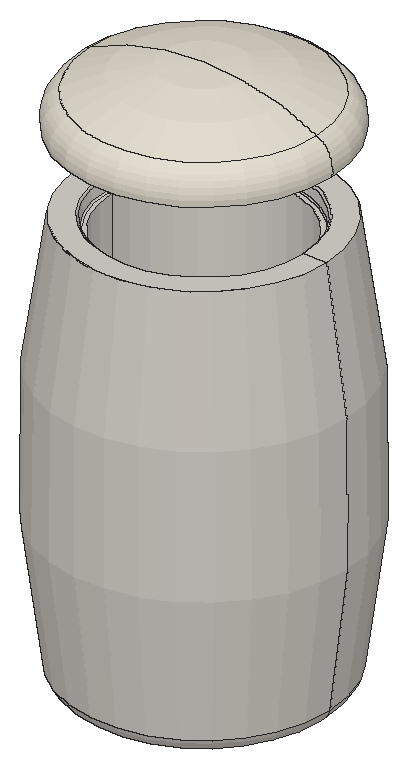
Revit family "Castone PEGASO CC", category Modelli generici, Revit 2018
Family settings
  Può ospitare armatura = No
  Quota connettore circolare = Usa diametro
  Tipo di parte = Normale
  Basato su piano di lavoro = No
  Sempre verticale = Sì
  Taglio con vuoti quando caricato = No
  Condiviso = No
  Punto di calcolo locali = No
Parameters (values of type "0CEPP004 - GRANITO - 104 Lt")
  Weight ( kg) = "383 Kg."
  URL Ita = "https://www.bellitalia.net/prodotti/cestini/orione-pegaso/"
  URL Eng = "https://www.bellitalia.net/en/products/bins/orione-pegaso/"
  UNSPSC CATEGORY (CODE) = "47"
  UNIFORMAT II (DESCRIPTION/CODE) = "Other Equipment / E1090"
  UNICLASS 2.0 (DESCRIPTION/CODE) = "Litter Bins / PR-35-10-48"
  UNICLASS 1.4 (DESCRIPTION/CODE) = "Bins / L8113"
  Technical Description for Article = "PEGASO CC LITTER BIN IN GRANITO (COLOR TO BE CHOSEN) BUSH-HAMMERED ANTI-DECAY VARNISH GALVANIZED AND POWDER COATED (COLOUR TO BE CHOSEN) STEEL COVERING"
  Technical Description Family = "\"Circular section waste bin mod. “PEGASUS” consisting of a body provided with bushings, for the cover fastening. Inside the container is prepared a bag holder ring that allows a complete adherence of the bag to the walls of the container. The rounded lid. The part bottom of the lid is equipped with a funnel. THE spacers, between the lower and upper part of the lid, are in tube with a diameter of 20 mm and a height mm 175. The lid is hinged by sturdy supports. The lid opening reaches an amplitude of 90°. All mounting hardware is secured by threadlocker.\""
  Secondary Material = "Reconstituted Granite; Steel"
  Primary Material = "Reconstituted White Granite"
  OMNICLASS (DESCRIPTION/CODE) = "Recycling Bins / 23-27 59 13"
  Materiale Secondario = "Granito; Acciaio"
  Materiale Principale = "Granito Bianco"
  MATERIALE COPERCHIO = COPERCHIO
  MATERIALE CONTENITORE = GRANITO
  MASTERFORMAT 2014 (DESCRIPTION/CODE) = "Bins and Hoppers / 41 52 13"
  IFC = "Object"
  Fixings = "freestanding"
  Fissaggio = "Appoggio"
  Family Name = "PEGASO CC"
  Dimensions = "1200 mm X ⌀ 640 mm"
  Designer = "BELLITALIA DESIGN"
  Descrizione Tecnica per Codice = "CESTONE PEGASO CC IN GRANITO (COLORE A SCELTA) BOCCIARDATO VERNICIATURA ANTIDEGRADO COPERTURA IN ACCIAIO ZINCATO VERNICIATO RAL (COLORE A SCELTA)"
  Descrizione Tecnica Famiglia = "\"Cestone portarifiuti a sezione circolare mod. “PEGASO” costituito da un corpo provvisto di boccole, per il fissaggio del coperchio. All'interno del contenitore è predisposto un anello reggi sacco che consente una completa aderenza del sacco alle pareti del contenitore. Il coperchio di forma bombata. La parte inferiore del coperchio è dotata di un imbuto. I distanziatori, tra la parte inferiore e superiore del coperchio, sono in tubo di diametro mm 20 e di altezza mm 175. Il coperchio è incernierato mediante robusti supporti. L’apertura del coperchio raggiunge un’ampiezza di 90°. Tutta la bulloneria di fissaggio è assicurata tramite frena-filetti.\""
  Code = "0CEPP004"
  BIM Object Type = "CESTINI - LITTER BINS"
  BIM Name = "PEGASO CC - 104 Lt                                                                                                                                                                                                                                                                                                                                                                                                                                                                                                                                                                                                                                                                                                                                                                                                                                                                                                                                                                                                                     PEGASO CC CON POSACENERE - 104 Lt.                                                                                                                                                                                                                                                                                                                                                                                                                                                                                                                                                                                                                                                                                                                                                                                                                                                                                                                                                                                                                            - 104 Lt.      - 104 Lt."
  Accessories = "Brushed stainless steel cover"
  Accessori = "Copertura in acciaio inox satinato"
Types (4, lengths in mm): name | Technical Description for Article | Secondary Material | Primary Material | Materiale Secondario | Materiale Principale | MATERIALE CONTENITORE | Descrizione Tecnica per Codice | BIM Name
  (no name) | "PEGASO CC LITTER BIN IN GRANITO (COLOR TO BE CHOSEN) BUSH-HAMMERED ANTI-DECAY VARNISH GALVANIZED AND POWDER COATED (COLOUR TO BE CHOSEN) STEEL COVERING" | "Reconstituted Granite; Steel" | "Reconstituted White Granite" | "Granito; Acciaio" | "Granito Bianco" | GRANITO | "CESTONE PEGASO CC IN GRANITO (COLORE A SCELTA) BOCCIARDATO VERNICIATURA ANTIDEGRADO COPERTURA IN ACCIAIO ZINCATO VERNICIATO RAL (COLORE A SCELTA)" | "PEGASO CC - 104 Lt                                                                                                                                                                                                                                                                                                                                                                                                                                                                                                                                                                                                                                                                                                                                                                                                                                                                                                                                                                                                                     PEGASO CC CON POSACENERE - 104 Lt.                                                                                                                                                                                                                                                                                                                                                                                                                                                                                                                                                                                                                                                                                                                                                                                                                                                                                                                                                                                                                            - 104 Lt.      - 104 Lt."
  0CEPP004 - GRANITO - 104 Lt | "PEGASO CC LITTER BIN IN GRANITO (COLOR TO BE CHOSEN) BUSH-HAMMERED ANTI-DECAY VARNISH GALVANIZED AND POWDER COATED (COLOUR TO BE CHOSEN) STEEL COVERING" | "Reconstituted Granite; Steel" | "Reconstituted White Granite" | "Granito; Acciaio" | "Granito Bianco" | GRANITO | "CESTONE PEGASO CC IN GRANITO (COLORE A SCELTA) BOCCIARDATO VERNICIATURA ANTIDEGRADO COPERTURA IN ACCIAIO ZINCATO VERNICIATO RAL (COLORE A SCELTA)" | "PEGASO CC - 104 Lt                                                                                                                                                                                                                                                                                                                                                                                                                                                                                                                                                                                                                                                                                                                                                                                                                                                                                                                                                                                                                     PEGASO CC CON POSACENERE - 104 Lt.                                                                                                                                                                                                                                                                                                                                                                                                                                                                                                                                                                                                                                                                                                                                                                                                                                                                                                                                                                                                                            - 104 Lt.      - 104 Lt."
  0CEPP004 - PIETRE PREZIOSE - 104 Lt | "PEGASO CC LITTER BIN IN PRECIOUS STONES (COLOR TO BE CHOSEN EXCEPT GREEN ALPS) BUSH-HAMMERED ANTI-DECAY VARNISH GALVANIZED AND POWDER COATED (COLOUR TO BE CHOSEN) STEEL COVERING" | "Reconstituted Precious Stones; Steel" | "Reconstituted Precious Stones Bianco Carrara" | "Pietre Preziose Ricostituite; Acciaio" | "Pietre Preziose Ricostituite Bianco Carrara" | PIETRE PREZIOSE | "CESTONE PEGASO CC IN PIETRE PREZIOSE (COLORE A SCELTA ECCETTO VERDE ALPI) BOCCIARDATO VERNICIATURA ANTI-DEGRADO COPERTURA IN ACCIAIO ZINCATO VERNICIATO RAL (COLORE A SCELTA)" | "PEGASO CC - 104 Lt.                                                                                                                                                                                                                                                                                                                                                                                                                                                                                                                                                                                                                                                                                                                                                                                                                                                                                                                                                                                                                      PEGASO CC CON POSACENERE - 104 Lt.                                                                                                                                                                                                                                                                                                                                                                                                                                                                                                                                                                                                                                                                                                                                                                                                                                                                                                                                                                                                                            - 104 Lt.      - 104 Lt."
  0CEPP004 - VERDE ALPI - 104 Lt | "PEGASO CC LITTER BIN IN GREEN ALPS BUSH-HAMMERED ANTI-DECAY VARNISH GALVANIZED AND POWDER COATED (COLOUR TO BE CHOSEN) STEEL COVERING" | "Reconstituted Precious Stones; Steel" | "Reconstituted Precious Stones Verde Alpi" | "Pietre Preziose Ricostituite; Acciaio" | "Pietre Preziose Ricostituite Verde Alpi" | VERDE ALPI | "CESTONE PEGASO CC IN VERDE ALPI BOCCIARDATO VERNICIATURA ANTI-DEGRADO COPERTURA IN ACCIAIO ZINCATO VERNICIATO RAL (COLORE A SCELTA)" | "PEGASO CC - 104 Lt.                                                                                                                                                                                                                                                                                                                                                                                                                                                                                                                                                                                                                                                                                                                                                                                                                                                                                                                                                                                                                      PEGASO CC CON POSACENERE - 104 Lt.                                                                                                                                                                                                                                                                                                                                                                                                                                                                                                                                                                                                                                                                                                                                                                                                                                                                                                                                                                                                                            - 104 Lt.      - 104 Lt."
Reference planes
  plane 1 "Centro (Fronte/Retro)": y = 0
  plane 2: z = 0
  plane 3 "Centro (Sinistra/Destra)": x = 0
Forms (mm)
  Revolve 1, solid, material "GRANITO" <- "MATERIALE CONTENITORE"
    sketch origin (0, 0, 0) x (1, 0, 0) y (0, 0, 1)
      loop
        line (204.931, 0) -> (254.931, 0)
        arc (254.931, 0) -> (266.476, 11.67) -> (274.511, 25.984) r 61.314
        arc (274.511, 25.984) -> (317.992, 463.374) -> (267.634, 900.025) r 2058.79
        line (267.634, 900.025) -> (217.57, 900.025)
        arc (217.57, 900.025) -> (215.562, 897.692) -> (214.666, 894.746) r 7.459
        line (214.666, 894.746) -> (212.745, 872.779)
        arc (212.745, 872.779) -> (211.925, 870.801) -> (209.948, 869.982) r 2.796
        line (209.948, 869.982) -> (199.948, 869.982) -> (199.948, 4.982) -> (204.931, 0)
      axis (0, 900.025) -> (0, 0)
    angle from 0 to 360
  Revolve 2, solid, material "COPERCHIO" <- "MATERIALE COPERCHIO"
    sketch origin (0, 0, 0) x (1, 0, 0) y (0, 0, 1)
      loop
        line (0, 1071.255) -> (278.426, 1071.255)
        arc (278.426, 1071.255) -> (275.596, 1111.951) -> (247.394, 1141.426) r 59.988
        arc (247.394, 1141.426) -> (127.049, 1184.494) -> (0, 1198.511) r 548
        line (0, 1198.511) -> (0, 1071.255)
      axis (0, 1198.511) -> (0, 1071.255)
    angle from 0 to 360
Dimensions and locks
  aligned and locked: level to plane 2
Nested families
  nested 1: "boccola" at (-290.021, 0.29, 785.776) x (-0.001, -1, 0) z (-0.9864, 0.001, 0.1645), type "boccola"
    with Materiale boccola none
Definition of nested family "boccola"
  Parameters (values of type "boccola")
    Default Elevation = 1219.2 mm
    Materiale boccola [instance] = none
  Reference planes
    plane 1 "Centro (Fronte/Retro)": y = 0
    plane 2: z = 0
    plane 3 "Centro (Sinistra/Destra)": x = 0
  Forms (mm)
    Extrusion 1, solid
      sketch origin (0, 0, 0) x (1, 0, 0) y (0, 1, 0)
        loop
          line (-1219.2, 1219.2) -> (-1219.2, -1219.2) -> (1219.2, -1219.2) -> (1219.2, 1219.2) -> (-1219.2, 1219.2)
      from 0 to -304.8
    Revolve 2, solid
      sketch origin (0.048, -0.056, 0.985) x (1, 0, 0) y (0, 0, 1)
        loop
          line (0, 0) -> (0, -19) -> (10, -19) -> (10, -4) -> (18, -4) -> (20, 0) -> (0, 0)
        axis (0, 0) -> (0, -19)
      angle from 0 to 360
  Dimensions and locks
    aligned and locked: plane 2 to Extrusion 1
    aligned and locked: level to Extrusion 1
